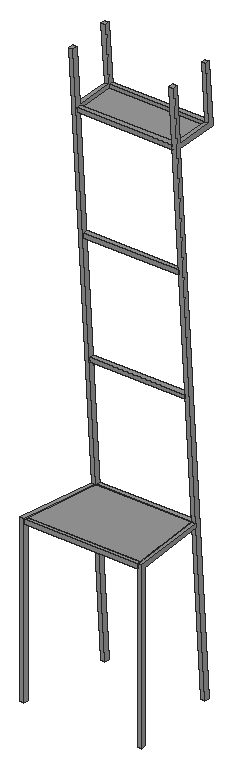
Revit family "Mate-LivingDivani", category Furniture, Revit 2013
Parameters (values of type "Mate")
  URL = "http://www.livingdivani.it"
  Model = "Mate"
  Mat. Struttura = Steel, Polished
  Manufacturer = "LivingDivani"
  Codice prodotto = "MATP042"
Reference planes (cm)
  plane 1 "Centro (Fronte/Retro)": y = 133.9276
  plane 2: z = 0
  plane 3 "Centro (Sinistra/Destra)": x = 0
  plane 4 "a": z = 44
Forms (cm)
  Extrusion 1, solid, material "Steel, Polished" <- "Mat. Struttura"
    sketch origin (-18, 0, 0) x (0, 1, 0) y (0, 0, 1)
      loop
        line (146.8163, 196.5515) -> (145.32, 196.4469) -> (146.6453, 177.4932) -> (134.1758, 176.6212) -> (132.8853, 195.0762) -> (131.389, 194.9715) -> (141.113, 55.9119) -> (145.0227, 0) -> (146.5264, 0) -> (134.2804, 175.1249) -> (148.2463, 176.1015) -> (146.8163, 196.5515)
    from 0 to 1.5
  Extrusion 2, solid, material "Steel, Polished" <- "Mat. Struttura"
    sketch origin (18, 0, 0) x (0, 1, 0) y (0, 0, -1)
      loop
        line (146.8163, -196.5515) -> (148.2463, -176.1015) -> (134.2804, -175.1249) -> (146.5264, 0) -> (145.0227, 0) -> (141.133, -55.6255) -> (131.389, -194.9715) -> (132.8853, -195.0762) -> (134.1758, -176.6212) -> (146.6453, -177.4932) -> (145.32, -196.4469) -> (146.8163, -196.5515)
    from 0 to 1.5
  Extrusion 3, solid, material "Steel, Polished" <- "Mat. Struttura"
    sketch origin (-33.7919, 0.886, 0) x (0.111859, 0.993724, 0) y (0, 0, 1)
      loop
        line (141.0718, 56.5) -> (113.9807, 56.5) -> (113.9807, 0) -> (115.4807, 0) -> (115.4807, 55) -> (141.1767, 55) -> (141.0718, 56.5)
    from 0 to 1.5
  Extrusion 4, solid, material "Steel, Polished" <- "Mat. Struttura"
    sketch origin (33.7919, 0.886, 0) x (-0.111859, 0.993724, 0) y (0, 0, -1)
      loop
        line (141.0718, -56.5) -> (141.1767, -55) -> (115.4807, -55) -> (115.4807, 0) -> (113.9807, 0) -> (113.9807, -56.5) -> (141.0718, -56.5)
    from 0 to 1.5
  Extrusion 5, solid, material "Steel, Polished" <- "Mat. Struttura"
    sketch origin (0, 0, 0) x (0, 1, 0) y (0, 0, 1)
      loop
        line (134.1758, 176.6212) -> (132.6795, 176.5166) -> (132.7841, 175.0203) -> (134.2804, 175.1249) -> (134.1758, 176.6212)
    from -16.5 to 16.5
  Extrusion 6, solid, material "Steel, Polished" <- "Mat. Struttura"
    sketch origin (0, 2.7971, -40) x (0, 1, 0) y (0, 0, 1)
      loop
        line (134.1758, 176.6212) -> (132.6795, 176.5166) -> (132.7841, 175.0203) -> (134.2804, 175.1249) -> (134.1758, 176.6212)
    from -16.5 to 16.5
  Extrusion 7, solid, material "Steel, Polished" <- "Mat. Struttura"
    sketch origin (0, 5.5592, -79.5) x (0, 1, 0) y (0, 0, 1)
      loop
        line (134.1758, 176.6212) -> (132.6795, 176.5166) -> (132.7841, 175.0203) -> (134.2804, 175.1249) -> (134.1758, 176.6212)
    from -16.5062 to 16.5
  Extrusion 8, solid, material "Steel, Polished" <- "Mat. Struttura"
    sketch origin (0, 8.3932, -120.0154) x (0, 1, 0) y (0, 0, 1)
      loop
        line (134.1758, 176.6212) -> (132.6795, 176.5166) -> (132.7841, 175.0203) -> (134.2804, 175.1249) -> (134.1758, 176.6212)
    from -16.5 to 16.5
  Extrusion 9, solid, material "Steel, Polished" <- "Mat. Struttura"
    sketch origin (0, 0, 0) x (1, 0, 0) y (0, 1, 0)
      loop
        line (-19.5578, 113.9276) -> (19.5578, 113.9276) -> (19.389, 115.4276) -> (-19.389, 115.4276) -> (-19.5578, 113.9276)
    from 55 to 56.5
  Extrusion 10, solid, material "Steel, Polished" <- "Mat. Struttura"
    sketch origin (0, 0, 0) x (1, 0, 0) y (0, 1, 0)
      loop
        line (-19.39, 115.4182) -> (19.39, 115.4182) -> (16.5062, 141.0377) -> (-16.5062, 141.0377) -> (-19.39, 115.4182)
    from 55.8043 to 56.5
  Extrusion 11, solid, material "Steel, Polished" <- "Mat. Struttura"
    sketch origin (0, 132.6795, 176.5166) x (0, 0.997564, 0.069756) y (-1, 0, 0)
      loop
        line (1.5, 16.5) -> (1.5, -16.5) -> (14, -16.5) -> (14, 16.5) -> (1.5, 16.5)
    from -1.101 to -1.5
  Extrusion 12, solid, material "Steel, Polished" <- "Mat. Struttura"
    sketch origin (0, 13.4671, 0.9417) x (0, 1, 0) y (0, 0, 1)
      loop
        line (134.6746, 176.6561) -> (133.1782, 176.5515) -> (133.2829, 175.0551) -> (134.7792, 175.1598) -> (134.6746, 176.6561)
    from -16.5 to 16.5
Dimensions and locks (cm)
  Extrusion 1 to Extrusion 2 = 36 cm
  aligned and locked: level to plane 2
